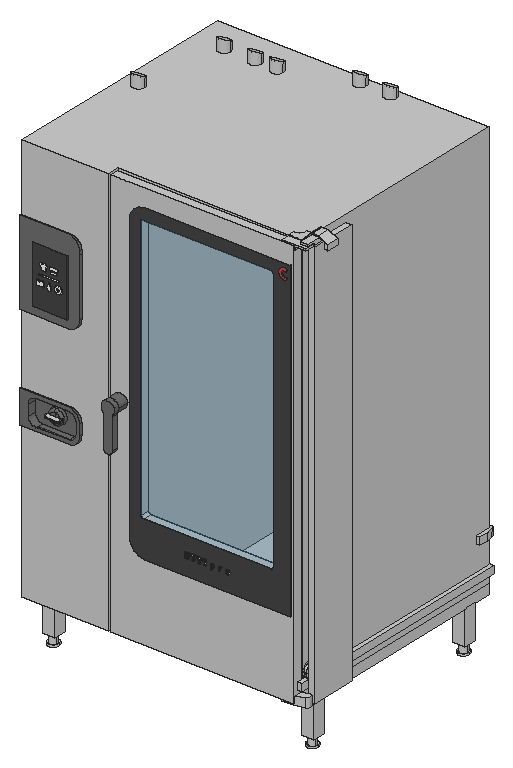
Revit family "QF_WELBILT-CONVOTHERM_CMX-PRO-ET-20-20-GS.240704053929", category Specialty Equipment, Revit 2020
Family settings
  Round Connector Dimension = Use Diameter
  Part Type = Normal
  OmniClass Number = 23.40.40.14
  OmniClass Title = Food Service Equipment
  Work Plane-Based = No
  Always vertical = Yes
  Cut with Voids When Loaded = No
  Shared = No
  Room Calculation Point = No
Parameters (values of type "CMX-PRO-ET-20-20-GS-DD_230V/1Ph/50Hz")
  Weight = 331.00 kg
  Waste Remarks [instance] = ""
  Volts = 230 V
  URL Cutsheet = ""
  URL = "www.convotherm.com"
  Status [instance] = ""
  Specification by User [instance] = ""
  Specification by Manufacturer [instance] = ""
  Serial Number = ""
  Seismic Rating = ""
  SMACNA No = ""
  Revision Code [instance] = ""
  Phase = 1
  Number of Poles = 1
  Nominal Gas power = 62000 W
  NAFEM Spec ID Number = ""
  Model = "CMX-PRO-ET-20-20-GS"
  Min Ckt Ampacity = 0 A
  Mechanical Connection Type [instance] = ""
  Max Overcurrent Protection = 0 A
  Masterspec = ""
  Manufacturer = "WELBILT-CONVOTHERM"
  Length Actual = 1135 mm
  Item Number [instance] = ""
  Installed By [instance] = ""
  Indirect Waste Size = 25.4 mm
  Indirect Waste Connection Type [instance] = ""
  Indirect Waste Connection Height [instance] = 220 mm
  Identify Quantity as Lot [instance] = no
  Height Actual = 1934 mm
  HP power = ""
  Gas power kW = 62
  Gas Size Flexible = 0 mm
  Gas Size = 19.05 mm
  Gas RI Height [instance] = 0 mm
  Gas Flow = 0.0 L/s
  Gas Connection Height [instance] = 220 mm
  Furnished By [instance] = ""
  Foodservice Equipment Identifier [instance] = no
  FL Amps = 4.3 A
  Electric power = 1100 W
  Electric Connection Type [instance] = ""
  Elec Conn RI Height [instance] = 0 mm
  Elec Conn Connection Height [instance] = 220 mm
  Direct Waste RI Height [instance] = 0 mm
  Description = "COMBI OVEN MAXX PRO EASYTOUCH 20 SHELVES GN 2/1 - DISAPPEARING DOOR - GAS INJECTION"
  Depth Actual = 1020 mm
  Default Elevation = 0 mm
  Cycle = 50 Hz
  Cost = 0
  Conn Plug = ""
  Conn Conduit = no
  Cold Water Temperature Recommended = 0 °C
  Cold Water Size = 19.05 mm
  Cold Water Flow = 0.0 L/s
  Cold Water Connection Height [instance] = 220 mm
  CSI MasterFormat = ""
  Apparent Power = 1100 VA
  Accessory = no
Reference planes
  plane 1 "Center (Front/Back)": y = 0
  plane 2: z = 0
  plane 3 "Center (Left/Right)": x = 0
Forms (mm)
  Extrusion 1, solid, not visible
    sketch origin (124, -600, 222) x (1, 0, 0) y (0, 1, 0)
      loop
        line (0, 0) -> (2, 0) -> (2, 2) -> (0, 2) -> (0, 0)
    from 0 to 2
  Extrusion 2, solid, not visible
    sketch origin (301, -405, 222) x (1, 0, 0) y (0, 1, 0)
      loop
        line (0, 0) -> (2, 0) -> (2, 2) -> (0, 2) -> (0, 0)
    from 0 to 2
  Extrusion 3, solid, not visible
    sketch origin (104, -362, 222) x (1, 0, 0) y (0, 1, 0)
      loop
        line (0, 0) -> (2, 0) -> (2, 2) -> (0, 2) -> (0, 0)
    from 0 to 2
  Extrusion 4, solid, not visible
    sketch origin (134, -522, 222) x (1, 0, 0) y (0, 1, 0)
      loop
        line (0, 0) -> (2, 0) -> (2, 2) -> (0, 2) -> (0, 0)
    from 0 to 2
Dimensions and locks
  aligned and locked: level to plane 2
Nested families
  nested 1: "QF_WELBILT-CONVOTHERM_CMX-PRO-ET-20-20-GS-DD_230V_1Ph_50Hz" at (0, 0, 0), type "CMX-PRO-ET-20-20-GS-DD_230V/1Ph/50Hz"
    with Show Logo yes, Show Clearance yes
Connectors
  electrical at (125, -599, 222), driven by "Apparent Power", driven by "Number of Poles", driven by "Volts"
    settings: on Extrusion 1, index 1, voltage 230 V, apparent load 0 VA, apparent load phase1 1100 VA, apparent load phase2 0 VA, apparent load phase3 0 VA, power factor 1, load classification "Other", number of poles 1, system type 31, power factor state 1, is connector primary yes, connector utility no, sub classification motor no, connector description "Electric connection for 'CMX-PRO-ET-20-20-GS'"
  piping at (302, -404, 222), diameter 25.4, driven by "Indirect Waste Size"
    settings: on Extrusion 2, index 2, connector inside diameter 609.6 mm, connector length 0 mm, flow factor 0, pipe flow 0.0 L/s, pressure drop 0.0 Pa, fitting loss kfactor 0, connector angle 0.00°, fixture units 0, engagement length 0 mm, angle of deflection 0.00°, flow configuration 1, flow direction 2, fitting loss method 0, system type 16, joint type 0, gender type 0, connector reference index -1, connector utility 0, adjustable connector no, is connector primary yes, connector description "Drain connection for 'CMX-PRO-ET-20-20-GS'"
  piping at (105, -361, 222), diameter 19.05, driven by "Cold Water Size", driven by "Cold Water Flow"
    settings: on Extrusion 3, index 3, connector inside diameter 609.6 mm, connector length 0 mm, flow factor 0, pipe flow 0.0 L/s, pressure drop 0.0 Pa, fitting loss kfactor 0, connector angle 0.00°, fixture units 0, engagement length 0 mm, angle of deflection 0.00°, flow configuration 1, flow direction 1, fitting loss method 0, system type 20, joint type 0, gender type 0, connector reference index -1, connector utility 0, adjustable connector no, is connector primary no, connector description "Cold Water connection for 'CMX-PRO-ET-20-20-GS'"
  piping at (135, -521, 222), diameter 19.05, driven by "Gas Size", driven by "Gas Flow"
    settings: on Extrusion 4, index 4, connector inside diameter 609.6 mm, connector length 0 mm, flow factor 0, pipe flow 0.0 L/s, pressure drop 0.0 Pa, fitting loss kfactor 0, connector angle 0.00°, fixture units 0, engagement length 0 mm, angle of deflection 0.00°, flow configuration 1, flow direction 1, fitting loss method 0, system type 22, joint type 0, gender type 0, connector reference index -1, connector utility 0, adjustable connector no, is connector primary no, connector description "Gas connection for 'CMX-PRO-ET-20-20-GS'"
Definition of nested family "QF_WELBILT-CONVOTHERM_CMX-PRO-ET-20-20-GS-DD_230V_1Ph_50Hz"
  Parameters (values of type "CMX-PRO-ET-20-20-GS-DD_230V/1Ph/50Hz")
    URL = "www.convotherm.com"
    Show Logo [instance] = yes
    Show Clearance [instance] = yes
    Model = "CMX-PRO-ET-20-20-GS"
    Manufacturer = "WELBILT-CONVOTHERM"
    Description = "COMBI OVEN MAXX PRO EASYTOUCH 20 SHELVES GN 2/1 - DISAPPEARING DOOR - GAS INJECTION"
    Default Elevation = 0 mm
    Assembly Code = "E1090320"
  Types (2, lengths in mm): name | Model | Description
    CMX-PRO-ET-20-20-GB-DD | "CMX-PRO-ET-20-20-GB" | "COMBI OVEN MAXX PRO EASYTOUCH 20 SHELVES GN 2/1 - DISAPPEARING DOOR - GAS BOILER"
    CMX-PRO-ET-20-20-GS-DD_230V/1Ph/50Hz | "CMX-PRO-ET-20-20-GS" | "COMBI OVEN MAXX PRO EASYTOUCH 20 SHELVES GN 2/1 - DISAPPEARING DOOR - GAS INJECTION"
  Reference planes
    plane 1 "Back": y = 0
    plane 2: z = 0
    plane 3 "Left": x = 0
    plane 4 "Right": x = 1135
    plane 5 "Front": y = -1020
    plane 6 "Top": z = 1934
  Forms (mm)
    Extrusion 1, solid
      sketch origin (0, 0, 96) x (0, 1, 0) y (0, 0, 1)
        loop
          line (0, 1838) -> (-69, 1838) -> (-69, 126) -> (0, 126) -> (0, 1838)
      from 0 to 1135
    Extrusion 2, solid
      sketch origin (621, -433, 142.161) x (1, 0, 0) y (0, 0, 1)
        loop
          line (-250, 1791.839) -> (-250, 79.839) -> (514, 79.839) -> (514, 1791.839) -> (-250, 1791.839)
        loop
          arc (-115, 1670.132) -> (-122.071, 1667.203) -> (-125, 1660.132) r 10
          line (-125, 1660.132) -> (-125, 559.207)
          arc (-125, 559.207) -> (-122.071, 552.136) -> (-115, 549.207) r 10
          line (-115, 549.207) -> (419, 549.207)
          arc (419, 549.207) -> (426.071, 552.136) -> (429, 559.207) r 10
          line (429, 559.207) -> (429, 1660.132)
          arc (429, 1660.132) -> (426.071, 1667.203) -> (419, 1670.132) r 10
          line (419, 1670.132) -> (-115, 1670.132)
      from 550 to 587
    Extrusion 3, solid
      sketch origin (621, -423, 1162.455) x (1, 0, 0) y (0, 0, 1)
        loop
          arc (-115, 649.839) -> (-122.071, 646.91) -> (-125, 639.839) r 10
          line (-125, 639.839) -> (-125, -461.086)
          arc (-125, -461.086) -> (-122.071, -468.157) -> (-115, -471.086) r 10
          line (-115, -471.086) -> (419, -471.086)
          arc (419, -471.086) -> (426.071, -468.157) -> (429, -461.086) r 10
          line (429, -461.086) -> (429, 639.839)
          arc (429, 639.839) -> (426.071, 646.91) -> (419, 649.839) r 10
          line (419, 649.839) -> (-115, 649.839)
      from 560 to 597
    Extrusion 4, solid
      sketch origin (538.754, 250.154, 1299.45) x (1, 0, 0) y (0, 1, 0)
        loop
          circle (88.246, -288.147) r 25
      from 634.55 to 684.55
    Extrusion 5, solid, visible <- "Show Logo"
      sketch origin (608.278, -419.7, 1383.603) x (1, 0, 0) y (0, 0, 1)
        loop
          line (496.472, 442.836) -> (496.472, 452.836)
          arc (496.472, 452.836) -> (465.307, 432.836) -> (496.472, 412.836) r 22
          line (496.472, 412.836) -> (496.472, 422.836)
          arc (496.472, 422.836) -> (477.839, 432.836) -> (496.472, 442.836) r 12
      from 599 to 601
    Extrusion 6, void
      sketch origin (495, 28.007, 1307) x (0, 1, 0) y (0, 0, 1)
        loop
          line (-40.997, 682) -> (-101.661, 682) -> (-40.997, 653.55) -> (-40.997, 682)
      from 106.55 to 160
    Extrusion 7, solid
      sketch origin (0, -1022, 122) x (-1, 0, 0) y (0, 0, 1)
        loop
          line (0, 1812) -> (-361, 1812) -> (-361, 100) -> (0, 100) -> (0, 1812)
      from 2 to 49
    Extrusion 8, solid
      sketch origin (260, -1020.5, 1142.293) x (-1, 0, 0) y (0, 0, 1)
        loop
          line (-863, 715.8) -> (-863, -599.2) -> (-252.2, -599.2)
          arc (-252.2, -599.2) -> (-208.359, -581.041) -> (-190.2, -537.2) r 62
          line (-190.2, -537.2) -> (-190.2, 653.753)
          arc (-190.2, 653.753) -> (-208.373, 697.627) -> (-252.247, 715.8) r 62.047
          line (-252.247, 715.8) -> (-863, 715.8)
        loop
          arc (-780, 670) -> (-787.071, 667.071) -> (-790, 660) r 10
          line (-790, 660) -> (-790, -440.925)
          arc (-790, -440.925) -> (-787.071, -447.996) -> (-780, -450.925) r 10
          line (-780, -450.925) -> (-246, -450.925)
          arc (-246, -450.925) -> (-238.929, -447.996) -> (-236, -440.925) r 10
          line (-236, -440.925) -> (-236, 660)
          arc (-236, 660) -> (-238.929, 667.071) -> (-246, 670) r 10
          line (-246, 670) -> (-780, 670)
      from 0 to 2
    Extrusion 9, solid
      sketch origin (-428.638, -446.526, 1166.547) x (0, 0, 1) y (-1, 0, 0)
        loop
          line (406.44, -478.638) -> (166.44, -478.638) -> (166.44, -623.042) -> (406.44, -623.042) -> (406.44, -478.638)
      from 580.124 to 582.124
    Extrusion 10, solid
      sketch origin (-39.218, -1026.85, -393.128) x (0, 0, -1) y (1, 0, 0)
        loop
          circle (-1823.457, 196.933) r 15
        loop
          circle (-1823.457, 196.933) r 5
        loop
          line (-1832, 105.461) -> (-1812, 105.461)
          arc (-1812, 105.461) -> (-1814.476, 112.961) -> (-1812, 120.461) r 12.599
          arc (-1812, 120.461) -> (-1814.331, 127.961) -> (-1812, 135.461) r 13.23
          line (-1812, 135.461) -> (-1832, 135.461)
          arc (-1832, 135.461) -> (-1833.917, 127.433) -> (-1829.5, 120.461) r 10.608
          arc (-1829.5, 120.461) -> (-1833.694, 113.452) -> (-1832, 105.461) r 11.176
        loop
          line (-1886.763, 126.478) -> (-1874.888, 126.478) -> (-1874.888, 143.353) -> (-1886.763, 143.353)
          arc (-1886.763, 143.353) -> (-1899.276, 145.695) -> (-1897.911, 133.038) r 7.931
          arc (-1897.911, 133.038) -> (-1896.65, 122.428) -> (-1886.763, 126.478) r 6.712
        loop
          line (-1897.084, 162.209) -> (-1887.084, 162.209) -> (-1887.084, 194.695) -> (-1897.084, 194.695) -> (-1897.084, 162.209)
        loop
          line (-1881.943, 166.339) -> (-1874.888, 166.339) -> (-1874.888, 189.464) -> (-1881.943, 189.464) -> (-1881.943, 166.339)
        loop
          line (-1857.166, 113.206) -> (-1852.166, 113.206) -> (-1852.166, 198.206) -> (-1857.166, 198.206) -> (-1857.166, 113.206)
        loop
          line (-1837.069, 158.906) -> (-1821.106, 151.462)
          arc (-1821.106, 151.462) -> (-1809.423, 158.906) -> (-1821.106, 166.349) r 8.213
          line (-1821.106, 166.349) -> (-1837.069, 158.906)
      from 0 to 2
    Extrusion 11, solid
      sketch origin (-21.246, -207.853, 1299.45) x (1, 0, 0) y (0, 1, 0)
        loop
          circle (88.246, -288.147) r 25
      from 634.55 to 684.55
    Extrusion 12, void
      sketch origin (-65, -430, 1307) x (0, 1, 0) y (0, 0, 1)
        loop
          line (-40.997, 682) -> (-101.661, 682) -> (-40.997, 653.55) -> (-40.997, 682)
      from 106.55 to 160
    Extrusion 13, solid, visible <- "Show Clearance", detail levels coarse
      sketch origin (259, -226, 122) x (1, 0, 0) y (0, 1, 0)
        loop
          line (876, -794) -> (112, -794)
          arc (112, -794) -> (335.77, -1334.23) -> (876, -1558) r 764
          line (876, -1558) -> (876, -794)
      from 100 to 1812
    Extrusion 14, solid, visible <- "Show Clearance", detail levels coarse
      sketch origin (0, 0, 1020.837) x (1, 0, 0) y (0, 1, 0)
        loop
          line (1185, 50) -> (-50, 50) -> (-50, -1020) -> (0, -1020) -> (0, 0) -> (1135, 0) -> (1135, -1020) -> (1185, -1020) -> (1185, 50)
      from -1020.837 to 913.163
    Extrusion 15, solid
      sketch origin (401.711, -455, 812.309) x (1, 0, 0) y (0, 0, 1)
        loop
          arc (-10.176, 136.991) -> (9.289, 117.635) -> (28.753, 136.991) r 19.465
          line (28.753, 136.991) -> (28.753, 265.447)
          arc (28.753, 265.447) -> (29.337, 268.813) -> (31.019, 271.786) r 9.998
          arc (31.019, 271.786) -> (9.289, 317.699) -> (-12.442, 271.786) r 28.099
          arc (-12.442, 271.786) -> (-10.759, 268.813) -> (-10.176, 265.447) r 9.998
          line (-10.176, 265.447) -> (-10.176, 136.991)
      from 611 to 630
    Extrusion 16, solid
      sketch origin (376.711, -428, 809.017) x (1, 0, 0) y (0, 0, 1)
        loop
          circle (34.289, 292.891) r 28.099
      from 592 to 638
    Extrusion 17, solid
      sketch origin (0, -1022.2, 962.518) x (-1, 0, 0) y (0, 0, 1)
        loop
          line (4, 692) -> (-199.45, 692)
          arc (-199.45, 692) -> (-233.073, 678.073) -> (-247, 644.45) r 47.55
          line (-247, 644.45) -> (-247, 632) -> (-247, 386.55)
          arc (-247, 386.55) -> (-233.073, 352.927) -> (-199.45, 339) r 47.55
          line (-199.45, 339) -> (4, 339) -> (4, 692)
      from -5.45 to 30.55
    Extrusion 18, solid, visible <- "Show Logo"
      sketch origin (151.074, -1021, 492.827) x (-1, 0, 0) y (0, 0, 1)
        loop
          line (-528.137, 127.552) -> (-530.011, 127.552) -> (-530.348, 126.074)
          arc (-530.348, 126.074) -> (-533.867, 127.761) -> (-537.387, 126.074) r 4.515
          arc (-537.387, 126.074) -> (-541.947, 127.505) -> (-544.743, 123.629) r 4.084
          line (-544.743, 123.629) -> (-544.743, 116.284) -> (-542.349, 116.284) -> (-542.349, 123.232)
          arc (-542.349, 123.232) -> (-539.99, 125.59) -> (-537.632, 123.232) r 2.358
          line (-537.632, 123.232) -> (-537.632, 116.284) -> (-535.228, 116.284) -> (-535.228, 123.232)
          arc (-535.228, 123.232) -> (-532.879, 125.58) -> (-530.531, 123.232) r 2.348
          line (-530.531, 123.232) -> (-530.531, 116.284) -> (-528.137, 116.284) -> (-528.137, 127.552)
        loop
          arc (-560.96, 126.777) -> (-563.601, 127.667) -> (-566.387, 127.637) r 8.338
          arc (-566.387, 127.637) -> (-568.587, 126.318) -> (-569.365, 123.874) r 3.628
          line (-569.365, 123.874) -> (-569.365, 116.284) -> (-567.653, 116.284) -> (-567.175, 117.853)
          arc (-567.175, 117.853) -> (-565.463, 116.5) -> (-563.335, 116.017) r 4.933
          arc (-563.335, 116.017) -> (-560.862, 117.042) -> (-559.838, 119.515) r 3.498
          arc (-559.838, 119.515) -> (-560.769, 121.724) -> (-562.869, 122.881) r 3.655
          arc (-562.869, 122.881) -> (-564.937, 123.13) -> (-567.021, 123.172) r 20.914
          arc (-567.021, 123.172) -> (-566.618, 125.022) -> (-564.92, 125.86) r 2.182
          arc (-564.92, 125.86) -> (-563.277, 125.666) -> (-561.734, 125.066) r 6.53
          line (-561.734, 125.066) -> (-560.96, 126.777)
        loop
          line (-566.971, 121.663) -> (-566.971, 120.653)
          arc (-566.971, 120.653) -> (-565.555, 118.263) -> (-562.778, 118.357) r 2.725
          arc (-562.778, 118.357) -> (-562.249, 119.77) -> (-563.061, 121.043) r 1.69
          arc (-563.061, 121.043) -> (-563.851, 121.394) -> (-564.704, 121.544) r 3.557
          line (-564.704, 121.544) -> (-566.971, 121.663)
        loop
          line (-583.952, 127.552) -> (-586.682, 127.552) -> (-589.25, 123.609) -> (-591.837, 127.552) -> (-594.547, 127.552) -> (-590.757, 122.04) -> (-594.741, 116.284) -> (-592.031, 116.284) -> (-589.25, 120.502) -> (-586.479, 116.284) -> (-583.769, 116.284) -> (-587.732, 122.04) -> (-583.952, 127.552)
        loop
          line (-607.963, 127.552) -> (-610.693, 127.552) -> (-613.26, 123.609) -> (-615.848, 127.552) -> (-618.558, 127.552) -> (-614.768, 122.04) -> (-618.752, 116.284) -> (-616.042, 116.284) -> (-613.26, 120.502) -> (-610.489, 116.284) -> (-607.779, 116.284) -> (-611.742, 122.04) -> (-607.963, 127.552)
        loop
          line (-636.435, 132.059) -> (-639.145, 132.059) -> (-639.689, 130.03)
          arc (-639.689, 130.03) -> (-644.361, 132.339) -> (-649.091, 130.15) r 6.037
          arc (-649.091, 130.15) -> (-650.678, 124.151) -> (-649.091, 118.152) r 12.127
          arc (-649.091, 118.152) -> (-644.439, 115.999) -> (-639.787, 118.152) r 6.101
          line (-639.787, 118.152) -> (-639.787, 109.266) -> (-636.435, 109.266) -> (-636.435, 132.059)
        loop
          arc (-640.707, 128.436) -> (-643.521, 129.607) -> (-646.244, 128.239) r 3.656
          arc (-646.244, 128.239) -> (-647.304, 124.134) -> (-646.244, 120.028) r 8.478
          arc (-646.244, 120.028) -> (-643.478, 118.728) -> (-640.707, 120.019) r 3.605
          arc (-640.707, 120.019) -> (-639.746, 124.228) -> (-640.707, 128.436) r 9.697
        loop
          line (-672.161, 132.059) -> (-674.786, 132.059) -> (-675.228, 129.277)
          arc (-675.228, 129.277) -> (-678.007, 131.919) -> (-681.831, 132.201) r 5.699
          line (-681.831, 132.201) -> (-681.499, 129.039)
          arc (-681.499, 129.039) -> (-677.382, 128.276) -> (-675.513, 124.528) r 4.693
          line (-675.513, 124.528) -> (-675.513, 116.284) -> (-672.161, 116.284) -> (-672.161, 132.059)
        loop
          arc (-701.668, 128.856) -> (-708.102, 132.336) -> (-714.536, 128.856) r 7.688
          arc (-714.536, 128.856) -> (-715.716, 123.509) -> (-713.81, 118.375) r 9.693
          arc (-713.81, 118.375) -> (-708.258, 115.93) -> (-702.705, 118.375) r 7.526
          arc (-702.705, 118.375) -> (-700.886, 123.487) -> (-701.668, 128.856) r 11.265
        loop
          arc (-705.156, 128.208) -> (-708.205, 129.601) -> (-711.253, 128.208) r 4.032
          arc (-711.253, 128.208) -> (-712.176, 124.281) -> (-711.253, 120.354) r 8.822
          arc (-711.253, 120.354) -> (-708.251, 118.678) -> (-705.156, 120.174) r 3.725
          arc (-705.156, 120.174) -> (-704.233, 124.191) -> (-705.156, 128.208) r 9.2
        loop
          arc (-532.682, 137.519) -> (-530.724, 137.866) -> (-529.296, 136.484) r 2.184
          arc (-529.296, 136.484) -> (-529.141, 134.97) -> (-529.666, 133.541) r 3.38
          arc (-529.666, 133.541) -> (-531.195, 132.902) -> (-532.824, 133.209) r 2.886
          line (-532.824, 133.209) -> (-532.824, 132.27)
          arc (-532.824, 132.27) -> (-530.712, 132.004) -> (-528.755, 132.842) r 4.064
          arc (-528.755, 132.842) -> (-527.999, 134.996) -> (-528.348, 137.252) r 4.701
          arc (-528.348, 137.252) -> (-530.48, 138.773) -> (-533.076, 138.431) r 3.573
          line (-533.076, 138.431) -> (-532.682, 137.519)
        loop
          arc (-537.479, 137.982) -> (-539.805, 138.908) -> (-542.133, 137.986) r 3.392
          arc (-542.133, 137.986) -> (-542.922, 135.429) -> (-542.133, 132.872) r 4.538
          arc (-542.133, 132.872) -> (-539.818, 131.941) -> (-537.495, 132.853) r 3.378
          arc (-537.495, 132.853) -> (-536.706, 135.415) -> (-537.479, 137.982) r 4.603
        loop
          arc (-538.327, 137.294) -> (-539.797, 137.948) -> (-541.273, 137.306) r 1.999
          arc (-541.273, 137.306) -> (-541.786, 135.426) -> (-541.273, 133.546) r 3.701
          arc (-541.273, 133.546) -> (-539.8, 132.933) -> (-538.327, 133.544) r 2.078
          arc (-538.327, 133.544) -> (-537.877, 135.419) -> (-538.327, 137.294) r 4.129
        loop
          line (-547.292, 138.766) -> (-548.621, 138.766) -> (-551.871, 133.511) -> (-551.871, 138.766) -> (-552.875, 138.766) -> (-552.875, 132.063) -> (-551.532, 132.063) -> (-548.286, 137.265) -> (-548.286, 132.063) -> (-547.292, 132.063) -> (-547.292, 138.766)
        loop
          line (-556.671, 138.766) -> (-557.799, 138.766) -> (-559.583, 133.448) -> (-561.375, 138.766) -> (-562.512, 138.766) -> (-560.164, 132.063) -> (-559.009, 132.063) -> (-556.671, 138.766)
        loop
          arc (-566.711, 137.982) -> (-569.038, 138.908) -> (-571.366, 137.986) r 3.392
          arc (-571.366, 137.986) -> (-572.155, 135.429) -> (-571.366, 132.872) r 4.538
          arc (-571.366, 132.872) -> (-569.051, 131.941) -> (-566.727, 132.853) r 3.378
          arc (-566.727, 132.853) -> (-565.939, 135.415) -> (-566.711, 137.982) r 4.603
        loop
          arc (-567.56, 137.294) -> (-569.03, 137.948) -> (-570.505, 137.306) r 1.999
          arc (-570.505, 137.306) -> (-571.019, 135.426) -> (-570.505, 133.546) r 3.701
          arc (-570.505, 133.546) -> (-569.033, 132.933) -> (-567.56, 133.544) r 2.078
          arc (-567.56, 133.544) -> (-567.109, 135.419) -> (-567.56, 137.294) r 4.129
        loop
          line (-577.456, 137.826) -> (-575.485, 137.826) -> (-575.485, 138.766) -> (-580.523, 138.766) -> (-580.523, 137.826) -> (-578.552, 137.826) -> (-578.552, 132.063) -> (-577.456, 132.063) -> (-577.456, 137.826)
        loop
          line (-584.461, 138.766) -> (-585.556, 138.766) -> (-585.556, 136.024) -> (-588.646, 136.024) -> (-588.646, 138.766) -> (-589.747, 138.766) -> (-589.747, 132.063) -> (-588.646, 132.063) -> (-588.646, 135.084) -> (-585.556, 135.084) -> (-585.556, 132.063) -> (-584.461, 132.063) -> (-584.461, 138.766)
        loop
          line (-598.044, 136.015) -> (-598.044, 135.098) -> (-595.518, 135.098) -> (-595.518, 132.994) -> (-598.214, 132.994) -> (-598.214, 132.063) -> (-594.423, 132.063) -> (-594.423, 138.766) -> (-598.214, 138.766) -> (-598.214, 137.84) -> (-595.518, 137.84) -> (-595.518, 136.015) -> (-598.044, 136.015)
        loop
          line (-602.573, 138.766) -> (-604.466, 138.766)
          arc (-604.466, 138.766) -> (-605.459, 138.644) -> (-606.393, 138.285) r 4.104
          arc (-606.393, 138.285) -> (-606.983, 136.462) -> (-605.709, 135.029) r 1.929
          line (-605.709, 135.029) -> (-607.602, 132.063) -> (-606.355, 132.063) -> (-604.751, 134.741) -> (-603.669, 134.741) -> (-603.669, 132.063) -> (-602.573, 132.063) -> (-602.573, 138.766)
        loop
          line (-603.669, 137.84) -> (-604.805, 137.84)
          arc (-604.805, 137.84) -> (-605.901, 136.744) -> (-604.805, 135.648) r 1.096
          line (-604.805, 135.648) -> (-603.669, 135.648) -> (-603.669, 137.84)
        loop
          line (-611.485, 138.766) -> (-613.03, 138.766) -> (-614.905, 133.395) -> (-616.835, 138.766) -> (-618.384, 138.766) -> (-618.384, 132.063) -> (-617.33, 132.063) -> (-617.33, 137.563) -> (-615.349, 132.063) -> (-614.382, 132.063) -> (-612.48, 137.543) -> (-612.48, 132.063) -> (-611.485, 132.063) -> (-611.485, 138.766)
      from 0 to 2
    Extrusion 19, solid
      sketch origin (0, -792, 222) x (-1, 0, 0) y (0, 0, 1)
        loop
          line (0, 1712) -> (-1135, 1712) -> (-1135, 0) -> (0, 0) -> (0, 1712)
        loop
          line (-411, 1672) -> (-1095, 1672) -> (-1095, 40) -> (-411, 40) -> (-411, 1672)
      from -181 to 723
    Extrusion 20, solid
      sketch origin (60, -1022.2, 528.196) x (-1, 0, 0) y (0, 0, 1)
        loop
          line (64, 479) -> (-139.45, 479)
          arc (-139.45, 479) -> (-173.073, 465.073) -> (-187, 431.45) r 47.55
          line (-187, 431.45) -> (-187, 386.55)
          arc (-187, 386.55) -> (-173.073, 352.927) -> (-139.45, 339) r 47.55
          line (-139.45, 339) -> (64, 339) -> (64, 479)
        loop
          line (-4.55, 464) -> (-139.45, 464)
          arc (-139.45, 464) -> (-162.466, 454.466) -> (-172, 431.45) r 32.55
          line (-172, 431.45) -> (-172, 386.55)
          arc (-172, 386.55) -> (-162.466, 363.534) -> (-139.45, 354) r 32.55
          line (-139.45, 354) -> (-4.55, 354)
          arc (-4.55, 354) -> (18.466, 363.534) -> (28, 386.55) r 32.55
          line (28, 386.55) -> (28, 431.45)
          arc (28, 431.45) -> (18.466, 454.466) -> (-4.55, 464) r 32.55
      from -5.45 to 30.55
    Extrusion 21, void
      sketch origin (0, -1032.65, 220) x (-1, 0, 0) y (0, 0, 1)
        loop
          line (-64.55, 774.196) -> (-199.45, 774.196)
          arc (-199.45, 774.196) -> (-223.881, 764.076) -> (-234, 739.646) r 34.55
          line (-234, 739.646) -> (-234, 694.746)
          arc (-234, 694.746) -> (-223.881, 670.315) -> (-199.45, 660.196) r 34.55
          line (-199.45, 660.196) -> (-64.55, 660.196)
          arc (-64.55, 660.196) -> (-40.119, 670.315) -> (-30, 694.746) r 34.55
          line (-30, 694.746) -> (-30, 739.646)
          arc (-30, 739.646) -> (-40.119, 764.076) -> (-64.55, 774.196) r 34.55
      from 0 to 41
    Revolve 22, solid
      sketch origin (132, -213, 187) x (0, 1, 0) y (0, 0, 1)
        loop
          line (-800.65, 771.095) -> (-800.65, 750.196) -> (-780.65, 750.196) -> (-780.65, 782.804) -> (-792.214, 780.972)
          arc (-792.214, 780.972) -> (-798.254, 777.59) -> (-800.65, 771.095) r 10
        axis (-780.65, 750.196) -> (-800.65, 750.196)
      angle from 0 to 360
    Extrusion 23, solid
      sketch origin (60, -988.2, 513.196) x (-1, 0, 0) y (0, 0, 1)
        loop
          line (-4.55, 479) -> (-139.45, 479)
          arc (-139.45, 479) -> (-162.466, 469.466) -> (-172, 446.45) r 32.55
          line (-172, 446.45) -> (-172, 401.55)
          arc (-172, 401.55) -> (-162.466, 378.534) -> (-139.45, 369) r 32.55
          line (-139.45, 369) -> (-4.55, 369)
          arc (-4.55, 369) -> (18.466, 378.534) -> (28, 401.55) r 32.55
          line (28, 401.55) -> (28, 446.45)
          arc (28, 446.45) -> (18.466, 469.466) -> (-4.55, 479) r 32.55
      from -5.45 to -3.45
    Extrusion 24, solid
      sketch origin (102, -228.026, 187) x (0, 1, 0) y (0, 0, 1)
        loop
          circle (-793.65, 750.196) r 8
      from 0 to 60
    Revolve 25, solid
      sketch origin (102, -1021.676, 187) x (-1, 0, 0) y (0, 0, 1)
        loop
          line (-60, 750.196) -> (-60, 758.196)
          arc (-60, 758.196) -> (-61.414, 757.61) -> (-62, 756.196) r 2
          line (-62, 756.196) -> (-62, 750.196) -> (-60, 750.196)
        axis (-60, 750.196) -> (-62, 750.196)
      angle from 0 to 360
    Revolve 26, solid
      sketch origin (162, -1021.676, 187) x (1, 0, 0) y (0, 0, -1)
        loop
          line (-60, -750.196) -> (-62, -750.196) -> (-62, -756.196)
          arc (-62, -756.196) -> (-61.414, -757.61) -> (-60, -758.196) r 2
          line (-60, -758.196) -> (-60, -750.196)
        axis (-60, -750.196) -> (-62, -750.196)
      angle from 0 to 360
    Extrusion 27, solid
      sketch origin (665.754, 250.154, 1299.45) x (1, 0, 0) y (0, 1, 0)
        loop
          circle (88.246, -288.147) r 25
      from 634.55 to 684.55
    Extrusion 28, void
      sketch origin (622, 28.007, 1307) x (0, 1, 0) y (0, 0, 1)
        loop
          line (-40.997, 682) -> (-101.661, 682) -> (-40.997, 653.55) -> (-40.997, 682)
      from 106.55 to 160
    Extrusion 29, solid
      sketch origin (49.754, 152.154, 1299.45) x (1, 0, 0) y (0, 1, 0)
        loop
          circle (88.246, -288.147) r 25
      from 634.55 to 684.55
    Extrusion 30, void
      sketch origin (6, -69.993, 1307) x (0, 1, 0) y (0, 0, 1)
        loop
          line (-40.997, 682) -> (-101.661, 682) -> (-40.997, 653.55) -> (-40.997, 682)
      from 106.55 to 160
    Extrusion 31, solid
      sketch origin (179.754, 152.154, 1299.45) x (1, 0, 0) y (0, 1, 0)
        loop
          circle (88.246, -288.147) r 25
      from 634.55 to 684.55
    Extrusion 32, void
      sketch origin (136, -69.993, 1307) x (0, 1, 0) y (0, 0, 1)
        loop
          line (-40.997, 682) -> (-101.661, 682) -> (-40.997, 653.55) -> (-40.997, 682)
      from 106.55 to 160
    Extrusion 33, solid
      sketch origin (269.754, 152.154, 1299.45) x (1, 0, 0) y (0, 1, 0)
        loop
          circle (88.246, -288.147) r 25
      from 634.55 to 684.55
    Extrusion 34, void
      sketch origin (226, -69.993, 1307) x (0, 1, 0) y (0, 0, 1)
        loop
          line (-40.997, 682) -> (-101.661, 682) -> (-40.997, 653.55) -> (-40.997, 682)
      from 106.55 to 160
    Extrusion 35, solid
      sketch origin (260, -1019.75, 976) x (-1, 0, 0) y (0, 0, 1)
        loop
          line (-815.5, 958) -> (-815.5, 961) -> (-872, 961) -> (-892.891, 985.896) -> (-925.376, 985.896) -> (-965.082, 967.381) -> (-965.082, 944.661) -> (-949.941, 944.661) -> (-949.941, 971.131) -> (-924.711, 982.896) -> (-894.29, 982.896) -> (-873.399, 958) -> (-815.5, 958)
      from 47 to 116.999
    Extrusion 36, solid
      sketch origin (260, -227.75, 222) x (0, 1, 0) y (0, 0, 1)
        loop
          line (-547.75, 1702.3) -> (-741.75, 1702.3) -> (-741.75, -6.7) -> (-547.75, -6.7) -> (-547.75, 1702.3)
      from 898.5 to 920.5
    Extrusion 37, solid
      sketch origin (260, -275, 222) x (0, 1, 0) y (0, 0, 1)
        loop
          line (275, 75) -> (-729, 75) -> (-729, 45) -> (275, 45) -> (275, 75)
      from 880 to 895
    Extrusion 38, solid
      sketch origin (260, 0, 222) x (1, 0, 0) y (0, 1, 0)
        loop
          line (875, -70.5) -> (895, -70.5) -> (895, -32.5) -> (889.343, -0.416)
          arc (889.343, -0.416) -> (885.239, 6.693) -> (877.525, 9.5) r 12
          line (877.525, 9.5) -> (862, 9.5) -> (862, 0) -> (875, 0) -> (875, -70.5)
      from 182.6 to 212.6
    Extrusion 39, solid
      sketch origin (260, -1019.75, 976) x (-1, 0, 0) y (0, 0, 1)
        loop
          line (-824, 958) -> (-824, 964) -> (-924, 964) -> (-924, 958) -> (-880, 958) -> (-880, 944.5) -> (-875, 944.5) -> (-875, 958) -> (-824, 958)
      from 2 to 36.25
    Extrusion 40, solid
      sketch origin (260, -227.75, 976) x (0, 1, 0) y (0, 0, 1)
        loop
          line (-741.75, 968.3) -> (-741.75, 958) -> (-675.001, 958) -> (-675.001, 974.3) -> (-779.75, 974.3) -> (-779.75, 968.3) -> (-741.75, 968.3)
      from 894 to 924.046
    Extrusion 41, solid
      sketch origin (260, -227.75, 976) x (1, 0, 0) y (0, 1, 0)
        loop
          line (920.5, -741.75) -> (920.5, -670.75) -> (900.751, -670.75) -> (900.751, -725) -> (875, -725) -> (875, -741.75) -> (920.5, -741.75)
      from 948.3 to 958
    Extrusion 42, solid
      sketch origin (260, -227.75, 976) x (1, 0, 0) y (0, 1, 0)
        loop
          circle (909, -766.875) r 5
      from 964 to 968.3
    Revolve 43, solid
      sketch origin (260, -377.75, 317.8) x (1, 0, 0) y (0, 1, 0)
        loop
          line (898.5, -569.75) -> (898.5, -549.75) -> (895.6, -549.75) -> (895.6, -554.75) -> (893.25, -554.75) -> (893.25, -542.25) -> (891.25, -542.25) -> (891.25, -546.65) -> (876.25, -546.65) -> (876.25, -542.25) -> (875, -542.25) -> (875, -569.75) -> (898.5, -569.75)
        axis (875, -569.75) -> (898.5, -569.75)
      angle from 0 to 360
    Extrusion 44, solid
      sketch origin (260, -227.75, 222) x (1, 0, 0) y (0, 1, 0)
        loop
          line (824, -757.5) -> (824, -790) -> (875, -790) -> (913.123, -778.129)
          arc (913.123, -778.129) -> (922.516, -761.254) -> (906.118, -751.05) r 14.002
          line (906.118, -751.05) -> (875, -757.5) -> (824, -757.5)
      from -8 to 28.2
    Revolve 45, solid
      sketch origin (260, -227.75, 241.3) x (1, 0, 0) y (0, 1, 0)
        loop
          line (898.5, -569.75) -> (898.5, -549.75) -> (895.6, -549.75) -> (895.6, -554.75) -> (893.25, -554.75) -> (893.25, -542.25) -> (891.25, -542.25) -> (891.25, -546.65) -> (876.25, -546.65) -> (876.25, -542.25) -> (875, -542.25) -> (875, -569.75) -> (898.5, -569.75)
        axis (875, -569.75) -> (898.5, -569.75)
      angle from 0 to 360
    Extrusion 46, solid
      sketch origin (260, -792, 222) x (-1, 0, 0) y (0, 0, 1)
        loop
          line (-880, 69) -> (-880, 51) -> (-875, 51) -> (-875, 69) -> (-880, 69)
      from 727.62 to 745.62
    Extrusion 47, solid
      sketch origin (260, -1180.25, 222) x (-1, 0, 0) y (0, 0, 1)
        loop
          line (-880, 69) -> (-880, 51) -> (-875, 51) -> (-875, 69) -> (-880, 69)
      from 727.62 to 745.62
    Extrusion 48, solid
      sketch origin (260, -1340.75, 222) x (-1, 0, 0) y (0, 0, 1)
        loop
          line (-880, 69) -> (-880, 51) -> (-875, 51) -> (-875, 69) -> (-880, 69)
      from 727.62 to 745.62
    Extrusion 49, solid
      sketch origin (260, -1501.25, 222) x (-1, 0, 0) y (0, 0, 1)
        loop
          line (-880, 69) -> (-880, 51) -> (-875, 51) -> (-875, 69) -> (-880, 69)
      from 727.62 to 745.62
    Extrusion 50, solid
      sketch origin (260, -1661.75, 222) x (-1, 0, 0) y (0, 0, 1)
        loop
          line (-880, 69) -> (-880, 51) -> (-875, 51) -> (-875, 69) -> (-880, 69)
      from 727.62 to 745.62
    Extrusion 51, void
      sketch origin (-215, 0, 222) x (1, 0, 0) y (0, 1, 0)
        loop
          line (1346.828, -914.75) -> (1367.161, -902.751) -> (1440.082, -902.751) -> (1440.082, -892.751) -> (1290.5, -892.751) -> (1290.5, -947.75) -> (1305.5, -947.75)
          arc (1305.5, -947.75) -> (1316.107, -943.357) -> (1320.5, -932.75) r 15
          line (1320.5, -932.75) -> (1320.5, -914.75) -> (1346.828, -914.75)
        loop
          line (1440.082, -952.75) -> (1368.235, -952.75) -> (1345.756, -972.75) -> (1440.082, -972.75) -> (1440.082, -952.75)
      from 1698.5 to 1739.896
    Extrusion 52, solid
      sketch origin (1076, -227.784, 0) x (-1, 0, 0) y (0, 0, 1)
        loop
          line (-7, 182) -> (-59, 182) -> (-59, 40) -> (-7, 40) -> (-7, 182)
      from 102.784 to 154.784
    Extrusion 53, solid
      sketch origin (0, 0, -8) x (1, 0, 0) y (0, 1, 0)
        loop
          line (0, 0) -> (0, -915) -> (492, -915) -> (492, -52) -> (1083, -52) -> (1083, -915) -> (1135, -915) -> (1135, 0) -> (0, 0)
        loop
          line (52, -863) -> (452, -863) -> (452, -52) -> (52, -52) -> (52, -863)
      from 190 to 230
    Extrusion 54, solid
      sketch origin (-7, -227.784, 0) x (-1, 0, 0) y (0, 0, 1)
        loop
          line (-7, 182) -> (-59, 182) -> (-59, 40) -> (-7, 40) -> (-7, 182)
      from 102.784 to 154.784
    Extrusion 55, solid
      sketch origin (1076, -1017.784, 0) x (-1, 0, 0) y (0, 0, 1)
        loop
          line (-7, 182) -> (-59, 182) -> (-59, 40) -> (-7, 40) -> (-7, 182)
      from 102.784 to 154.784
    Extrusion 56, solid
      sketch origin (-7, -1017.784, 0) x (-1, 0, 0) y (0, 0, 1)
        loop
          line (-7, 182) -> (-59, 182) -> (-59, 40) -> (-7, 40) -> (-7, 182)
      from 102.784 to 154.784
    Extrusion 57, solid
      sketch origin (0, 0, -10) x (1, 0, 0) y (0, 1, 0)
        loop
          circle (26, -99) r 15
      from 15 to 50
    Extrusion 58, solid
      sketch origin (55, 0, -10) x (1, 0, 0) y (0, 1, 0)
        loop
          circle (-29.331, -99.1) r 23
      from 10 to 15
    Extrusion 59, solid
      sketch origin (1083, 0, -10) x (1, 0, 0) y (0, 1, 0)
        loop
          circle (26, -99) r 15
      from 15 to 50
    Extrusion 60, solid
      sketch origin (1138, 0, -10) x (1, 0, 0) y (0, 1, 0)
        loop
          circle (-29.331, -99.1) r 23
      from 10 to 15
    Extrusion 61, solid
      sketch origin (0, -790, -10) x (1, 0, 0) y (0, 1, 0)
        loop
          circle (26, -99) r 15
      from 15 to 50
    Extrusion 62, solid
      sketch origin (55, -790, -10) x (1, 0, 0) y (0, 1, 0)
        loop
          circle (-29.331, -99.1) r 23
      from 10 to 15
    Extrusion 63, solid
      sketch origin (1083, -790, -10) x (1, 0, 0) y (0, 1, 0)
        loop
          circle (26, -99) r 15
      from 15 to 50
    Extrusion 64, solid
      sketch origin (1138, -790, -10) x (1, 0, 0) y (0, 1, 0)
        loop
          circle (-29.331, -99.1) r 23
      from 10 to 15
  Cuts and joins
    Extrusion 6, Extrusion 12, Extrusion 28, Extrusion 30 cuts Extrusion 4
    joined: Extrusion 15, Extrusion 16
    Extrusion 21 cuts Extrusion 7
    joined: Extrusion 1, Extrusion 7, Extrusion 19
    Extrusion 28 cuts Extrusion 27
    Extrusion 12 cuts Extrusion 11
    Extrusion 30, Extrusion 32 cuts Extrusion 29
    Extrusion 32, Extrusion 34 cuts Extrusion 31
    Extrusion 34 cuts Extrusion 33
    Extrusion 51 cuts Extrusion 35
  Lines and regions (mm)
    symbolic lines
      curve 1: line (1135, 0, 0) -> (0, 0, 0)
      curve 2: line (0, 0, 0) -> (0, -1020, 0)
      curve 3: circle (67, -495.972, 0) r 25 normal (0, 0, 1)
      curve 4: circle (627, -37.965, 0) r 25 normal (0, 0, 1)
      curve 5: line (1135, 0, 0) -> (1135, -1020, 0)
      curve 6: line (1135, -1020, 0) -> (0, -1020, 0)
      curve 7: line (382.949, -1085, 0) -> (439.051, -1085, 0)
      curve 8: line (439.051, -1085, 0) -> (439.051, -1020, 0)
      curve 9: line (382.949, -1085, 0) -> (382.949, -1020, 0)
      curve 10: line (361, -1020, 0) -> (361, -973, 0)
      curve 11: line (361, -973, 0) -> (1135, -973, 0)
      curve 17: line (-4, -991.65, 0) -> (0, -991.65, 0)
      curve 18: line (-4, -991.65, 0) -> (-4, -1027.65, 0)
      curve 19: line (-4, -1027.65, 0) -> (247, -1027.65, 0)
      curve 20: line (247, -1027.65, 0) -> (247, -1020, 0)
      curve 21: line (371, -973, 0) -> (371, -1020, 0)
      curve 25: circle (754, -37.965, 0) r 25 normal (0, 0, 1)
      curve 27: circle (138, -135.965, 0) r 25 normal (0, 0, 1)
      curve 28: circle (268, -135.965, 0) r 25 normal (0, 0, 1)
      curve 29: circle (358, -135.965, 0) r 25 normal (0, 0, 1)
      curve 30: line (1155, 0, 0) -> (1155, -902.751, 0)
      curve 31: line (1122, 0, 0) -> (1122, 9.5, 0)
      curve 32: line (1122, 9.5, 0) -> (1137.525, 9.5, 0)
      curve 33: arc (1149.262, 0, 0) -> (1145.075, 6.827, 0) -> (1137.525, 9.5, 0) r 12
      curve 34: line (1155, -32.5, 0) -> (1149.343, -0.416, 0)
      curve 35: line (1155, 0, 0) -> (1149.262, 0, 0)
      curve 36: line (1155, -70.5, 0) -> (1135, -70.5, 0)
      curve 37: line (1225.082, -902.751, 0) -> (1225.082, -952.75, 0)
      curve 38: line (1225.082, -952.75, 0) -> (1153.235, -952.75, 0)
      curve 39: line (1153.235, -952.75, 0) -> (1130.476, -973, 0)
      curve 40: line (1075.5, -947.75, 0) -> (1075.5, -973, 0)
      curve 41: line (1075.5, -947.75, 0) -> (1090.5, -947.75, 0)
      curve 42: arc (1090.5, -947.75, 0) -> (1101.107, -943.357, 0) -> (1105.5, -932.75, 0) r 15
      curve 43: line (1105.5, -932.75, 0) -> (1105.5, -914.75, 0)
      curve 44: line (1105.5, -914.75, 0) -> (1131.828, -914.75, 0)
      curve 45: line (1131.828, -914.75, 0) -> (1152.161, -902.751, 0)
      curve 46: line (1225.082, -902.751, 0) -> (1152.161, -902.751, 0)
      curve 47: line (1154, -1007.5, 0) -> (1184.046, -1007.5, 0)
      curve 48: line (1154, -1007.5, 0) -> (1154, -952.75, 0)
      curve 49: line (1184.046, -952.75, 0) -> (1184.046, -1017.75, 0)
      curve 50: line (1184.046, -1017.75, 0) -> (1084, -1017.75, 0)
      curve 51: line (1084, -1017.75, 0) -> (1084, -983.5, 0)
      curve 52: line (1084, -983.5, 0) -> (1154, -983.5, 0)
    symbolic lines, visible <- "Show Clearance"
      curve 12: line (1135, -1020, 0) -> (1135, -1784, 0)
      curve 13: line (-50, -1020, 0) -> (-50, 50, 0)
      curve 14: line (-50, 50, 0) -> (1185, 50, 0)
      curve 15: line (1185, -1020, 0) -> (1185, 50, 0)
      curve 16: line (1092, -1020, 0) -> (1092, -1782.789, 0)
      curve 22: line (1200, -1773, 0) -> (1200, -1716.897, 0)
      curve 23: line (1200, -1716.897, 0) -> (1135, -1716.897, 0)
      curve 24: line (1200, -1773, 0) -> (1135, -1773, 0)
      curve 26: arc (371, -1020, 0) -> (594.77, -1560.23, 0) -> (1135, -1784, 0) r 764
  Dimensions and locks
    plane 5 "Front" to plane 1 "Back" = 1020 mm
    plane 6 "Top" to level = 1934 mm  (x2)
    plane 4 "Right" to plane 3 "Left" = 1135 mm
    plane 1 "Back" to plane 5 "Front" = 1020 mm
    plane 3 "Left" to plane 4 "Right" = 1135 mm
    aligned and locked: level to plane 2
